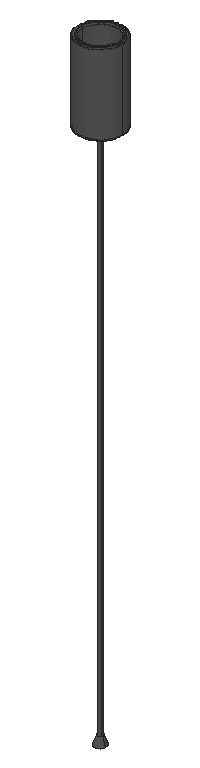
Revit family "CARLO CYLINDER LIGHT Pendant_ Surface", category Lighting Fixtures, host Face, Revit 2020
Family settings
  Host = Face
  Round Connector Dimension = Use Diameter
  Part Type = Normal
  Cut with Voids When Loaded = No
  Light Source = Yes
  Shared = No
  Room Calculation Point = No
Parameters (values of type "CCL4-07-20SPSW8-25-PSM-BK")
  Wattage_Input [instance] = 20 W
  Wattage Comments = "12W/16W/20W"
  Wattage = 11.4446 W
  Voltage_Input [instance] = 0 V
  built-in parameter 1150110 = 1 (stored number, unit not read)
  Voltage [instance] = if(Voltage_Input < 120 V, 120 V, if(Voltage_Input > 277 V, 277 V, Voltage_Input))  # 120 V
  URL = "https://www.abovealllighting.com/Product/LED-OUTDOOR-FIXTURES/LEDWallLight/6InchCarloCylinderLight-Pendant.html"
  Type Comments = "CARLO CYLINDER LIGHT\r\nCARLO CYLINDER LIGHT Pendant/Surface"
  built-in parameter 1114217 = 1 (stored number, unit not read)
  Tilt Angle = -90.00°
  built-in parameter 1150109 = 1 (stored number, unit not read)
  built-in parameter 1150134 = (empty or 0)
  built-in parameter 1150113 = 1 (stored number, unit not read)
  Size 08 = no
  Size 04 = yes
  Rod Pendant [instance] = Mounting Option = 3  # no
  Power Factor = 1
  Photometric Web File = "CCL4_20W_2700K_25__.IES"
  Pendent Rod Length_1 [instance] = if(Rod Pendant, Pendant Rod Length, if(Cable Pendant, Pendant Rod Length, 0' 0 3/256"))  # 4' - 0 109/256"
  Pendant Rod Length = 4' - 0 109/256"
  built-in parameter 1150142 = "IESNA:LM-63-2002\r\n[TEST] 001\r\n[TESTLAB] \r\n[TESTDATE] 2024-05-21\r\n[ISSUEDATE] 2024-05-21 11:19:26\r\n[LAMPPOSITION] 0,0\r\n[OTHER] EVERFINE GO-2000B_V1 SYSTEM\r\n[MANUFAC] Aboveall lighting\r\n[LUMINAIRE] CCL4 20W 2700K 25¡ã  \r\nTILT=NONE\r\n1 1658.3 1 181 17 1 2 -0.104 -0.104 0.000\r\n1.000 1 20.089\r\n0.0    1.0    2.0    3.0    4.0    5.0    6.0    7.0    8.0    9.0    \r\n 10.0   11.0   12.0   13.0   14.0   15.0   16.0   17.0   18.0   19.0   \r\n 20.0   21.0   22.0   23.0   24.0   25.0   26.0   27.0   28.0   29.0   \r\n 30.0   31.0   32.0   33.0   34.0   35.0   36.0   37.0   38.0   39.0   \r\n 40.0   41.0   42.0   43.0   44.0   45.0   46.0   47.0   48.0   49.0   \r\n 50.0   51.0   52.0   53.0   54.0   55.0   56.0   57.0   58.0   59.0   \r\n 60.0   61.0   62.0   63.0   64.0   65.0   66.0   67.0   68.0   69.0   \r\n 70.0   71.0   72.0   73.0   74.0   75.0   76.0   77.0   78.0   79.0   \r\n 80.0   81.0   82.0   83.0   84.0   85.0   86.0   87.0   88.0   89.0   \r\n 90.0   91.0   92.0   93.0   94.0   95.0   96.0   97.0   98.0   99.0   \r\n 100.0  101.0  102.0  103.0  104.0  105.0  106.0  107.0  108.0  109.0  \r\n 110.0  111.0  112.0  113.0  114.0  115.0  116.0  117.0  118.0  119.0  \r\n 120.0  121.0  122.0  123.0  124.0  125.0  126.0  127.0  128.0  129.0  \r\n 130.0  131.0  132.0  133.0  134.0  135.0  136.0  137.0  138.0  139.0  \r\n 140.0  141.0  142.0  143.0  144.0  145.0  146.0  147.0  148.0  149.0  \r\n 150.0  151.0  152.0  153.0  154.0  155.0  156.0  157.0  158.0  159.0  \r\n 160.0  161.0  162.0  163.0  164.0  165.0  166.0  167.0  168.0  169.0  \r\n 170.0  171.0  172.0  173.0  174.0  175.0  176.0  177.0  178.0  179.0  \r\n 180.0  \r\n0.0    22.5   45.0   67.5   90.0   112.5  135.0  157.5  180.0  202.5  \r\n 225.0  247.5  270.0  292.5  315.0  337.5  360.0  \r\n6620.4 6652.3 6568 6397.9 6165.2 5903.7 5559.2 5163.1 4721.7 4267.2 \r\n 3801.1 3347.9 2919.3 2515.1 2160.6 1844.2 1583.4 1360.8 1169.9 1045.3 \r\n 921.53 833.22 773.31 723.13 684.52 655.37 632.32 615.14 601.04 590.77 \r\n 580.93 573.35 566.01 548.86 536.53 525.2 512.07 487.51 449.01 404.05 \r\n 349.99 300.35 242.91 192.15 141.99 103.46 65.068 44.767 37.827 31.722 \r\n 26.838 23.61 21.413 19.408 17.365 15.227 13.059 10.995 9.1181 7.4182 \r\n 5.8075 4.5112 3.5 2.7541 2.2137 1.8503 1.6001 1.4108 1.2975 1.1891 \r\n 1.1165 1.0402 0.99191 0.93581 0.86771 0.81137 0.74723 0.69094 0.6268 0.56257 \r\n 0.49834 0.43808 0.3739 0.30984 0.24561 0.19724 0.14511 0.096885 0.05268 0.00058608 \r\n 0 0 0 0 0 0 0 0 0 0 \r\n 0 0 0 0 0 0.015892 0.043795 0.06793 0.10788 0.13612 \r\n 0.18009 0.22028 0.26042 0.31644 0.3647 0.42082 0.46908 0.52504 0.5852 0.64938 \r\n 0.70965 0.7778 0.84604 0.92222 1.0025 1.0788 1.163 1.2433 1.3432 1.4436 \r\n 1.5637 1.6881 1.8245 1.9848 2.1453 2.3377 2.5383 2.7589 3.0114 3.2643 \r\n 3.5364 3.8371 4.1461 4.475 4.8002 5.1373 5.4666 5.8116 6.141 6.4582 \r\n 6.7793 7.0719 7.357 7.6222 7.8594 8.0962 8.2894 8.4821 8.6549 8.8156 \r\n 8.9762 9.1249 9.2611 9.3857 9.4903 9.5788 9.6553 9.7117 9.752 9.7644 \r\n 9.7645 9.7645 9.7089 9.6291 9.5409 9.4605 9.3802 9.3078 9.2633 9.2589 \r\n 9.2385 \r\n6620.4 6671.5 6601.3 6437.7 6217 5957.8 5628 5236.9 4806.7 4342.2 \r\n 3882.9 3425 2992.6 2605.6 2219.2 1896.5 1623.1 1388.3 1200.2 1051.1 \r\n 931.43 840.71 774.77 725.65 687.26 656.64 633.41 614.66 599.86 588.68 \r\n 579.09 569.22 560.63 548.43 535.8 525.2 512.11 488.36 450.4 404.21 \r\n 352.16 301.57 248.07 194.59 143.15 100.21 66.285 45.59 38.906 33.164 \r\n 28.078 24.835 21.975 19.962 17.761 15.65 13.433 11.442 9.5828 7.8012 \r\n 6.1736 4.7767 3.6868 2.9299 2.3237 1.8812 1.5954 1.3943 1.2574 1.1567 \r\n 1.0722 1.0076 0.94317 0.88661 0.82219 0.76978 0.70129 0.64472 0.57621 0.51571 \r\n 0.45516 0.39069 0.33418 0.27364 0.20921 0.15681 0.10851 0.056127 0.012005 0 \r\n 0 0 0 0 0 0 0 0 0 0 \r\n 0 0.000066 0.0081677 0.020304 0.036512 0.060715 0.084956 0.11323 0.1455 0.17774 \r\n 0.21808 0.25849 0.30686 0.35126 0.39971 0.45218 0.50873 0.5732 0.62971 0.69021 \r\n 0.75062 0.81919 0.8878 0.96044 1.0371 1.1179 1.2066 1.2953 1.3802 1.4852 \r\n 1.5982 1.7194 1.8563 2.0097 2.1751 2.3528 2.5467 2.7726 3.0068 3.2651 \r\n 3.5395 3.8222 4.1369 4.4548 4.7856 5.1244 5.4553 5.7981 6.1369 6.4716 \r\n 6.7901 7.0886 7.3868 7.6529 7.9061 8.1279 8.3415 8.539 8.7084 8.8817 \r\n 9.039 9.1922 9.3292 9.4541 9.5668 9.6512 9.7277 9.7838 9.7838 9.7836 \r\n 9.7633 9.7307 9.662 9.5773 9.4966 9.4078 9.3193 9.2513 9.2312 9.2231 \r\n 9.2385 \r\n6620.4 6638.8 6549.5 6368.4 6138.6 5868.8 5522.5 5124.4 4682.7 4223.9 \r\n 3762.5 3317 2886.3 2484.5 2133 1813.2 1544.5 1322.8 1168.1 1014.1 \r\n 904.04 818.36 755.82 707.92 672.71 646.16 623.57 606.08 592.88 581.74 \r\n 571.09 562.5 554.93 542.76 531.2 520.16 506.91 477.63 435.68 390.58 \r\n 337.54 284.32 230.83 181.95 133.55 95.344 57.247 42.718 37.553 32.257 \r\n 27.95 24.506 21.823 19.748 17.684 15.485 13.46 11.364 9.5599 7.7907 \r\n 6.0977 4.6812 3.6107 2.8357 2.2678 1.862 1.5739 1.351 1.2447 1.1597 \r\n 1.0909 1.0142 0.96161 0.90114 0.84455 0.78801 0.72748 0.67488 0.60641 0.54574 \r\n 0.48117 0.41655 0.35992 0.30354 0.247 0.18647 0.14185 0.093433 0.048961 0.00054427 \r\n 0 0 0 0 0 0 0 0 0 0 \r\n 0 0 0 0 0 0.019985 0.048097 0.080354 0.11266 0.14497 \r\n 0.18526 0.22964 0.27806 0.32253 0.37494 0.43144 0.48798 0.54437 0.60489 0.66547 \r\n 0.73004 0.80264 0.86735 0.94395 1.0207 1.0974 1.1901 1.267 1.3635 1.4724 \r\n 1.5974 1.7186 1.8637 2.017 2.1905 2.3761 2.5779 2.7998 3.0499 3.3043 \r\n 3.5779 3.8765 4.1833 4.5142 4.8494 5.1806 5.5237 5.859 6.1942 6.5174 \r\n 6.8325 7.1228 7.4055 7.6683 7.9069 8.1292 8.3314 8.5093 8.683 8.8447 \r\n 9.0063 9.1518 9.2848 9.3942 9.5032 9.5804 9.6451 9.6858 9.7142 9.7185 \r\n 9.7225 9.6627 9.5941 9.5137 9.4169 9.324 9.2271 9.1501 9.0934 9.0807 \r\n 9.2385 \r\n6620.4 6623.5 6516.6 6325.3 6088.9 5814.8 5448.8 5046.9 4608.1 4146 \r\n 3689.3 3242.5 2836.1 2430.2 2077.8 1762.4 1507.5 1290.9 1119.7 985.32 \r\n 880.44 800.55 740.76 696.58 662.85 636.73 616.83 601.59 589.36 580.4 \r\n 571.6 562.51 554.44 541.22 530.54 519.18 504.86 473.62 432.87 385.35 \r\n 333.56 282.99 232.47 181.98 134.65 89.764 57.078 42.018 36.973 32.35 \r\n 28.519 25.641 22.359 20.197 18.112 16.011 13.842 11.695 9.7535 7.9063 \r\n 6.2574 4.76 3.568 2.7994 2.2144 1.8058 1.5146 1.3246 1.2072 1.1061 \r\n 1.0372 0.96833 0.9116 0.85881 0.79807 0.74545 0.68463 0.6238 0.56298 0.50216 \r\n 0.44134 0.38045 0.31159 0.25077 0.18999 0.13326 0.080751 0.03621 0 0 \r\n 0 0 0 0 0 0 0 0 0 0 \r\n 0.000032 0.0041533 0.016318 0.028552 0.048862 0.073228 0.10157 0.12598 0.1585 0.19893 \r\n 0.23948 0.28012 0.33277 0.37744 0.43019 0.48695 0.54368 0.59647 0.65737 0.72626 \r\n 0.79096 0.85593 0.9329 1.0019 1.083 1.1642 1.2533 1.3346 1.432 1.5456 \r\n 1.6592 1.7851 1.9307 2.085 2.2635 2.4501 2.6491 2.8803 3.1238 3.3875 \r\n 3.6674 3.9676 4.28 4.6116 4.9442 5.2848 5.6253 5.9619 6.3023 6.6225 \r\n 6.9306 7.2305 7.5141 7.7734 8.0119 8.2307 8.4292 8.6157 8.7899 8.952 \r\n 9.106 9.2479 9.3855 9.499 9.6041 9.6809 9.7454 9.7696 9.7695 9.7652 \r\n 9.7286 9.6757 9.5985 9.5091 9.4038 9.3025 9.2134 9.1327 9.0763 9.0723 \r\n 9.2385 \r\n6620.4 6613.5 6490.3 6284.5 6034 5744.8 5376.7 4969.2 4523.7 4071.8 \r\n 3615.3 3163.3 2761.9 2361 2010.9 1712.5 1471.4 1259.5 1092.7 961.11 \r\n 862.96 786.99 731.08 689.57 658.35 634.67 615.43 601.78 589.95 581.16 \r\n 573.61 566.48 559.97 543.55 531.13 519.73 503.74 473.09 431.89 386.78 \r\n 334.25 285.72 233.94 182.21 135.73 93.276 61.21 45.428 40.343 35.88 \r\n 31.929 27.57 22.24 20.28 18.1 15.962 13.777 11.578 9.5888 7.7418 \r\n 6.0659 4.6516 3.5694 2.8366 2.2633 1.8771 1.586 1.4125 1.2668 1.1682 \r\n 1.0853 1.0105 0.95895 0.88798 0.82872 0.76954 0.7025 0.64706 0.57994 0.51673 \r\n 0.45352 0.3903 0.32714 0.26788 0.20857 0.14555 0.098232 0.046952 0.0039084 0 \r\n 0 0 0 0 0 0 0 0 0.000040 0.0040323 \r\n 0.011892 0.015886 0.023876 0.039679 0.055528 0.075376 0.10294 0.12289 0.15839 0.18995 \r\n 0.22555 0.26514 0.31251 0.35592 0.39561 0.45092 0.50609 0.54979 0.61305 0.68011 \r\n 0.73933 0.81033 0.86971 0.941 1.0278 1.1029 1.186 1.2767 1.3561 1.4628 \r\n 1.5735 1.6918 1.8184 1.9608 2.1189 2.289 2.4789 2.6884 2.9099 3.155 \r\n 3.4083 3.6968 3.9933 4.3046 4.6248 4.9567 5.2964 5.6323 5.968 6.2998 \r\n 6.6198 6.9396 7.2474 7.5239 7.7955 8.0404 8.2772 8.4944 8.6997 8.8931 \r\n 9.0748 9.2521 9.3905 9.5326 9.6666 9.7728 9.8594 9.9182 9.9339 9.9376 \r\n 9.9215 9.8818 9.8262 9.743 9.6444 9.5535 9.459 9.3769 9.3769 9.3809 \r\n 9.2385 \r\n6620.4 6556.8 6390 6155.2 5883.5 5549.5 5162.9 4733 4281.7 3832.8 \r\n 3381.2 2948.5 2537 2169.3 1845.1 1580.1 1357.4 1171.6 1039.6 908.18 \r\n 822.62 756.47 705.83 668.66 642.42 622.95 608.17 595.47 585.07 577.22 \r\n 569.87 563.2 556.16 538.78 527.7 514.32 491.82 457.1 414.99 365.25 \r\n 314.84 261.94 211.5 162.41 120.92 79.499 52.217 43.069 38.099 33.744 \r\n 29.767 23.937 21.197 18.912 16.821 14.695 12.424 10.443 8.5235 6.8488 \r\n 5.2392 4.0474 3.1466 2.5045 2.0774 1.7743 1.5511 1.3798 1.2562 1.1725 \r\n 1.093 1.0214 0.96579 0.89444 0.84653 0.77917 0.7195 0.65203 0.5963 0.54067 \r\n 0.46929 0.41748 0.34217 0.28262 0.22302 0.16342 0.1117 0.063983 0.016305 0.00013483 \r\n 0 0 0 0 0 0 0 0 0 0 \r\n 0 0 0 0.0078823 0.019771 0.039577 0.067255 0.091132 0.12284 0.15856 \r\n 0.19432 0.24189 0.28169 0.32931 0.38092 0.42863 0.4842 0.53967 0.59923 0.65883 \r\n 0.72629 0.79384 0.86532 0.94472 1.0124 1.0957 1.1791 1.2625 1.3575 1.4647 \r\n 1.5798 1.7108 1.8419 1.9967 2.1634 2.3421 2.5446 2.7669 3.0052 3.2554 \r\n 3.5247 3.8067 4.1163 4.4341 4.7559 5.0935 5.4233 5.7609 6.0947 6.4206 \r\n 6.7346 7.0358 7.322 7.5884 7.8428 8.0853 8.304 8.5107 8.7055 8.8805 \r\n 9.0474 9.2064 9.3492 9.4686 9.5838 9.6676 9.7392 9.7871 9.8072 9.8153 \r\n 9.8193 9.7838 9.7205 9.6335 9.5539 9.4705 9.4068 9.3589 9.3349 9.3307 \r\n 9.2385 \r\n6620.4 6528.4 6338.8 6098.8 5802.4 5457.3 5040.3 4608 4149 3706.7 \r\n 3257.6 2835.4 2440.2 2082.8 1788.4 1531.3 1316.2 1136.4 995.19 886.29 \r\n 804.7 742.5 696.8 664.38 640.18 621.56 606.45 594.83 584.35 576.25 \r\n 569.33 563.65 554.28 536.95 526.5 513.1 489.51 452.8 406.9 356.08 \r\n 306.14 254.3 202.48 152.33 109.1 71.735 47.834 40.778 35.505 31.183 \r\n 27.363 22.102 20.006 17.765 15.713 13.564 11.443 9.4746 7.6576 6.001 \r\n 4.5858 3.5721 2.8369 2.3197 1.9112 1.6247 1.3981 1.2471 1.1476 1.0679 \r\n 0.99232 0.93647 0.88044 0.80889 0.75693 0.69734 0.64537 0.58159 0.52176 0.46188 \r\n 0.39815 0.34217 0.2745 0.21866 0.16286 0.11096 0.05539 0.011841 0 0 \r\n 0 0 0 0 0 0 0 0 0 0.000083 \r\n 0.0081034 0.02007 0.032125 0.052024 0.067979 0.084076 0.11205 0.14396 0.17592 0.21164 \r\n 0.23981 0.29153 0.33155 0.38332 0.42733 0.48308 0.53104 0.58703 0.65474 0.71457 \r\n 0.7744 0.8501 0.918 0.99383 1.0736 1.1495 1.2372 1.3251 1.4249 1.5327 \r\n 1.6486 1.78 1.9198 2.0794 2.2511 2.4348 2.6384 2.862 3.1016 3.3649 \r\n 3.6285 3.9239 4.2391 4.5573 4.8766 5.2156 5.5468 5.8858 6.2206 6.5396 \r\n 6.8507 7.1576 7.4405 7.7036 7.954 8.1813 8.4004 8.5997 8.7831 8.9625 \r\n 9.1258 9.2733 9.4126 9.5242 9.6277 9.7149 9.7704 9.794 9.7899 9.7738 \r\n 9.7414 9.6735 9.5938 9.5178 9.4302 9.3546 9.2913 9.2677 9.2678 9.2839 \r\n 9.2385 \r\n6620.4 6486.5 6269.5 6004.8 5689.4 5316.5 4885.2 4429 3968.1 3518.3 \r\n 3082.8 2665.6 2286.6 1959.2 1677.8 1442.2 1239.6 1097.2 955.3 856.8 \r\n 783.51 728.89 689.1 658.98 634.82 617.16 603.74 592.16 584.45 576.82 \r\n 568.46 562.42 550.66 536.25 524.55 510.14 481.65 441.63 395.94 342.65 \r\n 290.85 238.32 186.31 135.77 96.67 57.671 41.828 36.636 31.461 27.904 \r\n 24.931 20.713 18.63 16.567 14.389 12.34 10.317 8.4413 6.7096 5.1421 \r\n 4.0489 3.1764 2.557 2.1107 1.797 1.552 1.3712 1.2585 1.1542 1.0859 \r\n 1.0098 0.96152 0.89772 0.84949 0.79349 0.73344 0.67732 0.61727 0.55718 0.49312 \r\n 0.42108 0.35693 0.29681 0.24481 0.18481 0.13265 0.084545 0.040444 0.00034963 0 \r\n 0 0 0 0 0 0 0 0 0 0 \r\n 0 0 0 0.011921 0.027913 0.047912 0.075818 0.10386 0.13983 0.17192 \r\n 0.2119 0.2599 0.29606 0.34403 0.39607 0.44417 0.50814 0.56413 0.62021 0.6882 \r\n 0.75629 0.82836 0.8965 0.97254 1.0487 1.1367 1.2288 1.313 1.4207 1.5367 \r\n 1.6608 1.7969 1.945 2.1131 2.2972 2.4894 2.7095 2.9457 3.198 3.4623 \r\n 3.7497 4.0461 4.3663 4.6947 5.0232 5.3557 5.6921 6.0246 6.3571 6.6737 \r\n 6.9743 7.266 7.5385 7.7951 8.0276 8.2481 8.4525 8.6369 8.8172 8.9816 \r\n 9.1419 9.2862 9.4102 9.5106 9.6068 9.6711 9.7194 9.7476 9.7478 9.7478 \r\n 9.7041 9.6362 9.5522 9.4842 9.3844 9.308 9.2438 9.2075 9.2032 9.223 \r\n 9.2385 \r\n6620.4 6484 6267.7 6001.3 5678.2 5294.4 4856.3 4401 3928.7 3484.9 \r\n 3044.3 2650.9 2258.2 1937.9 1666.8 1428.5 1232.4 1072.1 948.72 853.34 \r\n 782.38 731.87 692.73 661.66 637.99 619.23 605.92 594.39 586.66 578.67 \r\n 570.97 564.74 552.09 537.36 525.49 510.58 483.31 443.47 397.13 343.99 \r\n 292.96 238.51 184.1 134.26 89.947 57.532 40.503 34.799 29.478 25.378 \r\n 23.151 20.712 18.687 16.573 14.41 12.303 10.214 8.3566 6.6334 5.1676 \r\n 3.9999 3.2113 2.599 2.1428 1.7993 1.5351 1.3433 1.2349 1.1231 1.0667 \r\n 0.99471 0.94247 0.88627 0.82997 0.76585 0.70984 0.65753 0.59338 0.5371 0.47282 \r\n 0.40458 0.33638 0.2722 0.21203 0.15583 0.099683 0.047678 0 0 0 \r\n 0 0 0 0 0 0 0 0 0.000041 0.0040972 \r\n 0.012126 0.020242 0.036255 0.048389 0.068461 0.088581 0.11272 0.14096 0.18096 0.20918 \r\n 0.25727 0.29746 0.34162 0.38577 0.43007 0.48631 0.54643 0.59872 0.65898 0.72321 \r\n 0.78731 0.85563 0.9319 1.0082 1.0886 1.1729 1.2652 1.3498 1.4582 1.5668 \r\n 1.6993 1.8316 1.9803 2.149 2.3259 2.5268 2.7478 2.9849 3.242 3.5151 \r\n 3.8004 4.1056 4.4229 4.7511 5.0724 5.4135 5.7428 6.0799 6.4048 6.7139 \r\n 7.0229 7.3156 7.5843 7.8331 8.073 8.2857 8.4903 8.6788 8.8554 9.0278 \r\n 9.1803 9.3325 9.4568 9.5689 9.6531 9.7287 9.7565 9.7604 9.7522 9.7238 \r\n 9.6714 9.6029 9.5066 9.414 9.3018 9.2057 9.1303 9.1225 9.1391 9.2034 \r\n 9.2385 \r\n6620.4 6475.4 6265.9 5991.4 5651.9 5255.9 4807.2 4336 3867.5 3414.1 \r\n 2970 2566.2 2195.7 1878.5 1612.7 1392 1203.2 1068.2 933.68 846.58 \r\n 782.02 730.89 691.63 661.57 638.16 621.08 606.83 596.99 588.85 580.9 \r\n 574 567.37 552.95 539.21 526.77 511 482.69 442.57 395.78 341.72 \r\n 288.68 234.3 181.43 131.36 93.309 55.365 39.258 35.554 30.526 25.7 \r\n 23.129 21.251 19.175 16.962 14.676 12.548 10.37 8.4682 6.6923 5.2056 \r\n 4.0614 3.1745 2.5307 2.0531 1.745 1.4904 1.3442 1.231 1.146 1.0853 \r\n 1.0168 0.96825 0.904 0.86342 0.79912 0.74257 0.69009 0.62565 0.56511 0.5006 \r\n 0.44006 0.37555 0.31101 0.24665 0.19808 0.14568 0.097235 0.044832 0.00038728 0 \r\n 0 0 0 0 0 0 0 0 0 0 \r\n 0 0 0 0.0040014 0.024045 0.048217 0.080341 0.10462 0.13682 0.17708 \r\n 0.20942 0.25769 0.2981 0.34643 0.39084 0.44722 0.49969 0.55598 0.62443 0.68103 \r\n 0.74549 0.81803 0.89463 0.96728 1.0439 1.1405 1.2253 1.3141 1.4185 1.5354 \r\n 1.6644 1.8054 1.9586 2.1279 2.3213 2.5189 2.7446 2.9825 3.2485 3.5187 \r\n 3.8082 4.1146 4.4332 4.7639 5.0946 5.4254 5.7602 6.091 6.4178 6.7285 \r\n 7.0271 7.3168 7.5793 7.8295 8.0596 8.2656 8.4633 8.653 8.8186 8.9799 \r\n 9.1373 9.2746 9.3914 9.5004 9.5734 9.646 9.6826 9.6989 9.7031 9.6991 \r\n 9.639 9.5705 9.4779 9.3734 9.2766 9.1877 9.123 9.0824 9.078 9.098 \r\n 9.2385 \r\n6620.4 6498.6 6303.9 6062.8 5722.9 5331.5 4883.1 4419.9 3940.4 3489.4 \r\n 3043.8 2645.6 2248.4 1930 1660 1426.4 1232.7 1073.9 952.75 860.76 \r\n 791.88 738.61 697.71 666.75 641.85 623.37 610.48 600.06 589.8 581.21 \r\n 574.56 568.81 559.76 543.11 531 516.45 490.02 450.99 404.33 352.03 \r\n 300.14 249.43 198.7 145.64 100.5 63.565 40.71 35.938 32.326 28.311 \r\n 24.89 22.422 20.278 18.142 15.829 13.627 11.387 9.2612 7.3579 5.7094 \r\n 4.3488 3.3587 2.6507 2.1638 1.8182 1.5484 1.3472 1.2221 1.1057 1.049 \r\n 0.97645 0.91981 0.85524 0.79476 0.74221 0.68579 0.62529 0.57266 0.508 0.43943 \r\n 0.37881 0.31424 0.2538 0.20524 0.14875 0.096349 0.051964 0 0 0 \r\n 0 0 0 0 0 0 0 0 0.000082 0.0081174 \r\n 0.012156 0.016327 0.032481 0.04859 0.060847 0.085126 0.1134 0.14167 0.17004 0.20629 \r\n 0.24268 0.28311 0.32757 0.37604 0.42455 0.47705 0.5296 0.58614 0.64283 0.71133 \r\n 0.76784 0.8365 0.90524 0.98201 1.0628 1.1477 1.2365 1.3215 1.4226 1.5358 \r\n 1.6611 1.7902 1.9398 2.1055 2.2874 2.4815 2.6997 2.9261 3.1766 3.4394 \r\n 3.7223 4.0254 4.3405 4.6668 4.9941 5.3372 5.6645 6.0116 6.3387 6.6576 \r\n 6.9644 7.2589 7.5291 7.7714 8.0088 8.2307 8.4286 8.6221 8.7877 8.9532 \r\n 9.1145 9.2517 9.3767 9.4854 9.5699 9.6259 9.6499 9.6497 9.6334 9.5968 \r\n 9.5359 9.4549 9.3539 9.249 9.1481 9.0556 8.9916 8.9757 8.9802 9.0287 \r\n 9.2385 \r\n6620.4 
